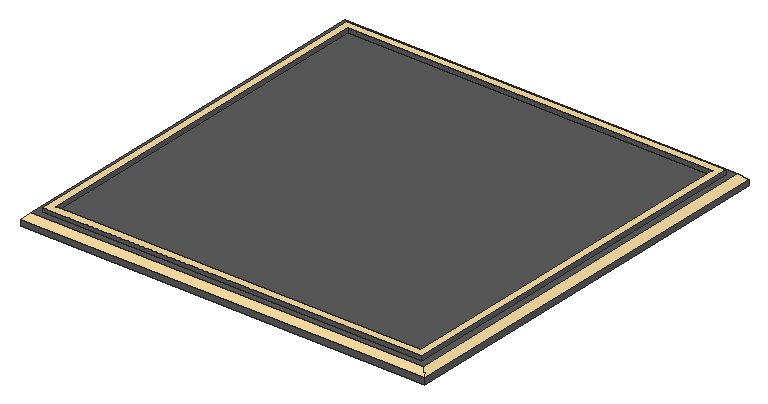
Revit family "Signage_Plaque_Gemini_Standard-Cast_ISLB", category Generic Models, Revit 2026
Family settings
  Can host rebar = No
  Round Connector Dimension = Use Diameter
  Part Type = Normal
  Classification Number = 23.40.90.11.24
  Work Plane-Based = Yes
  Always vertical = No
  Cut with Voids When Loaded = No
  Maintain Annotation Orientation = No
  Shared = No
  Room Calculation Point = No
Parameters (values of type "Bronze")
  Warranty Duration (Years) = 0
  Unit Width [instance] = 0' - 9"
  Unit Height [instance] = 0' - 9"
  Unit Depth [instance] = 0' - 0 1/4"
  URL = "http://www.geminisignproducts.com/"
  Specification = "http://www.arcat.com/sdspecs/htm04/10_14_00gem.htm"
  SpecWizard = ""
  Sign Text [instance] = "as Specified"
  Send Message = ""
  Sales Information = "http://www.geminisignproducts.com/en/contact-us/"
  Revision = "R1_2015-10"
  Product Properties = ""
  Product Data = "http://www.arcat.com/arcatcos/cos32/arc32715.html"
  Mounting Method [instance] = "as Specified"
  Model = "Bronze Inset Single Line Bevel"
  Manufacturer Website = "http://www.geminisignproducts.com/"
  Manufacturer Phone - Toll Free = "800-538-8377"
  Manufacturer Phone = "507-263-3957"
  Manufacturer Fax = "800-421-1256"
  Manufacturer Address = "103 Mensing Way   Cannon Falls, MN 55009"
  Manufacturer = "Gemini Inc"
  Maintenance Schedule (Months) = 0
  Keynote = "10400"
  Installation-Fabrication = ""
  Installation Phase = ""
  Green Building-LEED = "http://www.arcat.com/green/clients/leed_data_32715.html"
  Frame Material = Metal - Gemini - Bronze
  Frame Finish [instance] = Metal - Gemini - Black Background
  Expected Lifespan (Years) = 0
  Drawn By = "Sumex Design, Inc. / Robert S. Weygant, CSI, CDT, SCIP"
  Description = "Gemini Cast Plaque as Specified - Bronze Inset Single Line Bevel"
  Default Elevation = 0' - 0"
  Copyright = "©Arcat Inc."
  Construction Details = ""
  Border Design = Inset Single Line Bevel : Inset Single Line Bevel
  Assembly Code = "E1090900"
  Accent Material [instance] = Metal - Gemini - Edge Accent
Types (3): name | Model | Frame Material | Description
  (no name) | "Bronze Inset Single Line Bevel" | Metal - Gemini - Bronze | "Gemini Cast Plaque as Specified - Bronze Inset Single Line Bevel"
  Bronze | "Bronze Inset Single Line Bevel" | Metal - Gemini - Bronze | "Gemini Cast Plaque as Specified - Bronze Inset Single Line Bevel"
  Aluminum | "Aluminum Inset Single Line Bevel" | Metal - Gemini - Aluminum | "Gemini Cast Plaque as Specified - Aluminum Inset Single Line Bevel"
Reference planes (in)
  plane 1 "Center (Front/Back)": y = 0
  plane 2 "Bottom": z = 0
  plane 3 "Center (Left/Right)": x = 0
  plane 4 "Front": y = -4.5
  plane 5 "Back": y = 4.5
  plane 6 "Left": x = -4.5
  plane 7 "Right": x = 4.5
  plane 8 "Top": z = 32
Dimensions and locks (in)
  equal spacing: plane 6 "Left", plane 3 "Center (Left/Right)", plane 7 "Right"
  "Unit Width": plane 6 "Left" to plane 7 "Right"
  equal spacing: plane 5 "Back", plane 1 "Center (Front/Back)", plane 4 "Front"
  "Unit Height": plane 5 "Back" to plane 4 "Front"
  locked: plane 8 "Top" to level at 32
  aligned and locked: plane 3 "Center (Left/Right)" to nested 1
  aligned and locked: plane 1 "Center (Front/Back)" to nested 1
Nested families (in)
  nested 1: "Inset Single Line Bevel" at (0, 0, 0), width <- "Unit Width", height <- "Unit Height", depth <- "Unit Depth", background <- "Frame Finish", accent <- "Accent Material", type <- "Border Design", type "Inset Single Line Bevel"
    with width 0' - 9", height 0' - 9", depth 0' - 0 1/4", background Metal - Gemini - Black Background, accent Metal - Gemini - Edge Accent
Definition of nested family "Inset Single Line Bevel"
  Parameters
    width [instance] = 1' - 0"
    height [instance] = 1' - 0"
    depth [instance] = 0' - 0 1/4"
    background [instance] = none
    accent [instance] = none
    Default Elevation = 4' - 0"
  Reference planes (in)
    plane 1 "Center (Front/Back)": y = 0
    plane 2: z = 0
    plane 3 "Center (Left/Right)": x = 0
    plane 4: x = -6
    plane 5: x = 6
    plane 6: y = 6
    plane 7: y = -6
    plane 8: z = 0.25
  Forms (in)
    Sweep 1, solid, material <- "background"
      path origin (0, 0, 0) x (1, 0, 0) y (0, 1, 0)
        loop
          line (-6, 6) -> (-6, -6) -> (6, -6) -> (6, 6) -> (-6, 6)
      profile origin (0, 6, 0) x (0, 1, 0) y (0, 0, 1)
        loop
          line (0, 0) -> (0, 0.125) -> (-0.125, 0.25) -> (-0.28125, 0.25) -> (-0.28125, 0.34375) -> (-0.4375, 0.34375) -> (-0.4375, 0) -> (0, 0)
    Extrusion 2, solid, material <- "background"
      sketch origin (0, 0, 0) x (1, 0, 0) y (0, 1, 0)
        loop
          line (-5.5625, 5.5625) -> (-5.5625, -5.5625) -> (5.5625, -5.5625) -> (5.5625, 5.5625) -> (-5.5625, 5.5625)
      from 0 to 0.25 <- "depth"
  Cuts and joins
    joined: Sweep 1, Extrusion 2
  Dimensions and locks (in)
    equal spacing: plane 4, plane 3 "Center (Left/Right)", plane 5
    equal spacing: plane 6, plane 1 "Center (Front/Back)", plane 7
    "height": plane 6 to plane 7
    "width": plane 4 to plane 5
    "depth": plane 8 to plane 2
    locked: plane 8 to Sweep 1 sketch curve at 0.09375
    locked: Sweep 1 sketch curve to plane 2 at 0.125
    locked: Sweep 1 sketch curve to plane 2 (angle 45.00°)
    aligned and locked: plane 2 to level
    aligned and locked: Sweep 1 sketch curve to plane 6
    aligned and locked: plane 4 to Sweep 1 sketch curve
    aligned and locked: plane 7 to Sweep 1 sketch curve
    aligned and locked: Sweep 1 sketch curve to plane 5
    aligned and locked: cut or joined group of Sweep 1, Extrusion 2 to Extrusion 2 sketch curve  (x2)
    aligned and locked: Extrusion 2 sketch curve to cut or joined group of Sweep 1, Extrusion 2  (x2)
    aligned and locked: Sweep 1 sketch curve to plane 8
  Automatic sketch dimensions
    Sweep 1 sketch curve to level = 0' - 0"
    Sweep 1 sketch curve to profile plane = 0' - 0"
    Sweep 1 sketch curve to Sweep 1 sketch curve = 0' - 0 5/32"  (x2)
